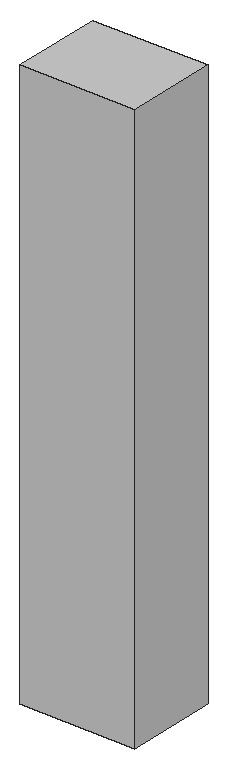
Revit family "ColumnBH", category 结构柱, Revit 2018
Family settings
  显示在隐藏视图中 = 被其他构件隐藏的边缘
  横断面形状 = 未定义
  用于模型行为的材质 = 混凝土
  始终导出为几何图形 = 否
  平面中的梁缩进 = 从边界框
  加载时剪切的空心 = 否
  符号表示法 = 从族
  共享 = 否
  在平面视图中显示族的预剪切 = 是
Parameters (values of type "KZ1")
  柱长 [instance] = 400 mm
  混凝土强度等级 [instance] = "C30"
  柱宽 [instance] = 500 mm
  公司名称 = ""
  Structural Material [instance] = 混凝土 - 现场浇注混凝土
Types (4, lengths in mm): name | 柱长 | 混凝土强度等级 | 柱宽 | 公司名称
  KZ1 | 400 | "C30" | 500 | ""
  KZ2 | 1500 | "" | 1100 | "设计中心_xml"
  TZ1 | 1500 | "" | 1100 | "设计中心_xml"
  GZ1 | 600 | "" | 600 | "设计中心_xml"
Reference planes
  plane 1: z = 0
  plane 2: x = -250
  plane 3: x = 250
  plane 4: y = 200
  plane 5: y = -200
  plane 6: x = 0
  plane 7: y = 0
Forms (mm)
  Extrusion 1, solid, material "混凝土 - 现场浇注混凝土" <- "Structural Material"
    sketch origin (0, 0, 0) x (1, 0, 0) y (0, 1, 0)
      loop
        line (-250, 200) -> (-250, -200) -> (250, -200) -> (250, 200) -> (-250, 200)
    from 0 to 2500
Dimensions and locks
  plane 2 to plane 3 = 500 mm
  plane 5 to plane 4 = 400 mm
  "柱长": plane 5 to plane 4
  "柱宽": plane 2 to plane 3
  equal spacing: plane 2, plane 6, plane 3
  equal spacing: plane 4, plane 7, plane 5
  aligned and locked: Extrusion 1 sketch curve to plane 4
  aligned and locked: Extrusion 1 sketch curve to plane 5
  aligned and locked: Extrusion 1 sketch curve to plane 2
  aligned and locked: plane 3 to Extrusion 1 sketch curve
  aligned and locked: level to Extrusion 1
  aligned and locked: level to plane 1
  aligned and locked: Extrusion 1 to plane 1
